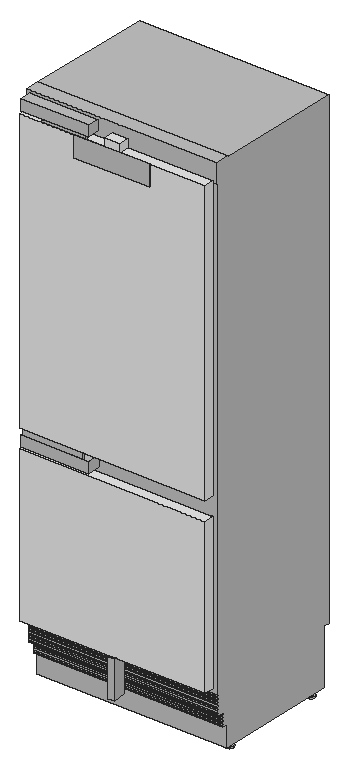
Revit family "FP-Revit20-en-RS3084WLUE1-FridgeFreezer-0-CA-US-90001082A", category Specialty Equipment, Revit 2020 (continued)
Definition of nested family "Handle Professional Round - Vertical"
  Automatic sketch dimensions
    Sweep 4 sketch curve to profile plane = 0 mm  (x2)
    Sweep 4 sketch curve to profile plane = 3 mm  (x2)
    Sweep 5 sketch curve to profile plane = 0 mm  (x2)
    Sweep 5 sketch curve to profile plane = 3 mm  (x2)
    Extrusion 6 sketch curve to plane 3 "Center (Left/Right)" = 0 mm
    Extrusion 6 sketch curve to plane 3 "Center (Left/Right)" = 18.5 mm
    plane 1 "Center (Front/Back)" to Extrusion 6 sketch curve = 41.7 mm
    Extrusion 6 sketch curve to Extrusion 6 sketch curve = 41.7 mm
    Extrusion 7 sketch curve to plane 3 "Center (Left/Right)" = 0 mm
    Extrusion 7 sketch curve to plane 3 "Center (Left/Right)" = 18.5 mm
    plane 1 "Center (Front/Back)" to Extrusion 7 sketch curve = 41.7 mm
    Extrusion 7 sketch curve to Extrusion 7 sketch curve = 41.7 mm
    radius of Extrusion 3 sketch curve = 12.7 mm
Definition of nested family "Handle Professional Round Flush - Vertical"
  Parameters (values of type "AHP3-RD84 - Professional round flush handle (Vertical) 677mm")
    URL = "www.fisherpaykel.com"
    Material - Handle = none
    Manufacturer = "Fisher & Paykel Appliances"
    Handle - Length = 677 mm
    Default Elevation = 0 mm
  Types (4): name
    (no name)
    AHP3RD2484W - Professional round flush handle (1 of 2) (Vertical) 677mm
    AHP3RD3084W - Professional round flush handle (1 of 2) (Vertical) 677mm
    AHP3-RD84 - Professional round flush handle (Vertical) 677mm
  Reference planes
    plane 1 "Center (Front/Back)": y = 0
    plane 2: z = 0
    plane 3 "Center (Left/Right)": x = 0
    plane 4 "Top": z = 338.5
    plane 5 "Bottom": z = -338.5
    plane 6 "Top Standoff": z = 303.5
    plane 7 "Bottom Standoff": z = -303.5
  Forms (mm)
    Extrusion 1, solid, material <- "Material - Handle", detail levels fine
      sketch origin (0, 0, 0) x (1, 0, 0) y (0, 1, 0)
        loop
          arc (-12.817, -46.665) -> (0, -58.016) -> (12.817, -46.665) r 12.912
          line (12.817, -46.665) -> (18.5, 0) -> (-18.5, 0) -> (-12.817, -46.665)
      from 303.5 to 338.5
    Extrusion 2, solid, material <- "Material - Handle", detail levels fine
      sketch origin (0, 0, 0) x (1, 0, 0) y (0, 1, 0)
        loop
          arc (-12.817, -46.665) -> (0, -58.016) -> (12.817, -46.665) r 12.912
          line (12.817, -46.665) -> (18.5, 0) -> (-18.5, 0) -> (-12.817, -46.665)
      from -338.5 to -303.5
    Extrusion 3, solid, material <- "Material - Handle"
      sketch origin (0, 0, 0) x (1, 0, 0) y (0, 1, 0)
        loop
          circle (0, -45.116) r 12.7
      from -303.5 to 303.5
    Sweep 4, void
      path in 3D
        loop
          line (18.5, 0, 338.5) -> (12.817, -46.665, 338.5)
          arc (12.817, -46.665, 338.5) -> (0, -58.016, 338.5) -> (-12.817, -46.665, 338.5) r 12.912
          line (-12.817, -46.665, 338.5) -> (-18.5, 0, 338.5)
      profile origin (0, -58.016, 338.5) x (0, -1, 0) y (0, 0, 1)
        loop
          line (0, 0) -> (-1.5, 0) -> (0, -1.5) -> (0, 0)
    Sweep 5, void
      path in 3D
        loop
          line (-18.5, 0, -338.5) -> (-12.817, -46.665, -338.5)
          arc (-12.817, -46.665, -338.5) -> (0, -58.016, -338.5) -> (12.817, -46.665, -338.5) r 12.912
          line (12.817, -46.665, -338.5) -> (18.5, 0, -338.5)
      profile origin (0, -58.016, -338.5) x (0, -1, 0) y (0, 0, -1)
        loop
          line (0, 0) -> (-1.5, 0) -> (0, -1.5) -> (0, 0)
    Extrusion 6, solid, material <- "Material - Handle", detail levels coarse+medium
      sketch origin (0, 0, 0) x (1, 0, 0) y (0, 1, 0)
        loop
          arc (-12.817, -46.665) -> (0, -58.016) -> (12.817, -46.665) r 12.912
          line (12.817, -46.665) -> (18.5, 0) -> (-18.5, 0) -> (-12.817, -46.665)
      from 303.5 to 338.5
    Extrusion 7, solid, material <- "Material - Handle", detail levels coarse+medium
      sketch origin (0, 0, 0) x (1, 0, 0) y (0, 1, 0)
        loop
          arc (-12.817, -46.665) -> (0, -58.016) -> (12.817, -46.665) r 12.912
          line (12.817, -46.665) -> (18.5, 0) -> (-18.5, 0) -> (-12.817, -46.665)
      from -338.5 to -303.5
  Cuts and joins
    Sweep 4 cuts Extrusion 1
    Sweep 5 cuts Extrusion 2
  Lines and regions (mm)
    sketch lines
      curve 1: arc (12.817, -46.665, 338.5) -> (0, -58.016, 338.5) -> (-12.817, -46.665, 338.5) r 12.912
      curve 2: line (12.817, -46.665, 338.5) -> (18.5, 0, 338.5)
      curve 3: line (-18.5, 0, 338.5) -> (-12.817, -46.665, 338.5)
      curve 4: arc (-12.817, -46.665, -338.5) -> (0, -58.016, -338.5) -> (12.817, -46.665, -338.5) r 12.912
      curve 5: line (18.5, 0, -338.5) -> (12.817, -46.665, -338.5)
      curve 6: line (-12.817, -46.665, -338.5) -> (-18.5, 0, -338.5)
  Dimensions and locks
    equal spacing: plane 4 "Top", level, plane 5 "Bottom"
    "Handle - Length": plane 4 "Top" to plane 5 "Bottom"
    aligned and locked: level to plane 2
    aligned and locked: plane 4 "Top" to Extrusion 1
    aligned and locked: Extrusion 1 to plane 6 "Top Standoff"
    aligned and locked: Extrusion 2 to plane 5 "Bottom"
    aligned and locked: plane 1 "Center (Front/Back)" to Extrusion 2 sketch curve
    aligned and locked: plane 6 "Top Standoff" to Extrusion 3
    aligned and locked: Extrusion 3 to plane 7 "Bottom Standoff"
  Automatic sketch dimensions
    plane 1 "Center (Front/Back)" to Extrusion 1 sketch curve = 0 mm
    Extrusion 1 sketch curve to plane 3 "Center (Left/Right)" = 0 mm
    Extrusion 1 sketch curve to plane 3 "Center (Left/Right)" = 12.817 mm
    Extrusion 1 sketch curve to plane 3 "Center (Left/Right)" = 18.5 mm
    plane 3 "Center (Left/Right)" to Extrusion 1 sketch curve = 12.817 mm
    plane 3 "Center (Left/Right)" to Extrusion 1 sketch curve = 18.5 mm
    plane 1 "Center (Front/Back)" to Extrusion 1 sketch curve = 45.104 mm
    Extrusion 1 sketch curve to Extrusion 1 sketch curve = 1.561 mm
    Extrusion 2 sketch curve to plane 3 "Center (Left/Right)" = 0 mm
    Extrusion 2 sketch curve to plane 3 "Center (Left/Right)" = 12.817 mm
    Extrusion 2 sketch curve to plane 3 "Center (Left/Right)" = 18.5 mm
    plane 3 "Center (Left/Right)" to Extrusion 2 sketch curve = 12.817 mm
    plane 3 "Center (Left/Right)" to Extrusion 2 sketch curve = 18.5 mm
    plane 1 "Center (Front/Back)" to Extrusion 2 sketch curve = 45.104 mm
    Extrusion 2 sketch curve to Extrusion 2 sketch curve = 1.561 mm
    Extrusion 3 sketch curve to plane 3 "Center (Left/Right)" = 0 mm
    plane 1 "Center (Front/Back)" to Extrusion 3 sketch curve = 45.116 mm
    Sweep 4 sketch curve to profile plane = 0 mm  (x2)
    profile plane to Sweep 4 sketch curve = 1.5 mm
    Sweep 4 sketch curve to profile plane = 1.5 mm
    profile plane to Sweep 5 sketch curve = 0 mm
    Sweep 5 sketch curve to profile plane = 0 mm
    profile plane to Sweep 5 sketch curve = 1.5 mm
    Sweep 5 sketch curve to profile plane = 1.5 mm
    Extrusion 6 sketch curve to plane 3 "Center (Left/Right)" = 0 mm
    Extrusion 6 sketch curve to plane 3 "Center (Left/Right)" = 12.817 mm
    Extrusion 6 sketch curve to plane 3 "Center (Left/Right)" = 18.5 mm
    plane 3 "Center (Left/Right)" to Extrusion 6 sketch curve = 12.817 mm
    plane 3 "Center (Left/Right)" to Extrusion 6 sketch curve = 18.5 mm
    plane 1 "Center (Front/Back)" to Extrusion 6 sketch curve = 46.665 mm
    Extrusion 6 sketch curve to Extrusion 6 sketch curve = 1.561 mm
    Extrusion 6 sketch curve to Extrusion 6 sketch curve = 46.665 mm
    Extrusion 7 sketch curve to plane 3 "Center (Left/Right)" = 0 mm
    Extrusion 7 sketch curve to plane 3 "Center (Left/Right)" = 12.817 mm
    Extrusion 7 sketch curve to plane 3 "Center (Left/Right)" = 18.5 mm
    plane 3 "Center (Left/Right)" to Extrusion 7 sketch curve = 12.817 mm
    plane 3 "Center (Left/Right)" to Extrusion 7 sketch curve = 18.5 mm
    plane 1 "Center (Front/Back)" to Extrusion 7 sketch curve = 46.665 mm
    Extrusion 7 sketch curve to Extrusion 7 sketch curve = 1.561 mm
    Extrusion 7 sketch curve to Extrusion 7 sketch curve = 46.665 mm
    radius of Extrusion 3 sketch curve = 12.7 mm
Definition of nested family "Handle Professional Square - Vertical"
  Parameters (values of type "AHV2RS3272A - Professional square handle (1 of 2) (Vertical) 727mm")
    URL = "www.fisherpaykel.com"
    Material - Handle = none
    Manufacturer = "Fisher & Paykel Appliances"
    Handle - Length = 727 mm
    Default Elevation = 0 mm
  Types (5, lengths in mm): name | Handle - Length
    (no name) | 727
    AHV2RD2484W - Professional square handle (1 of 2) (Vertical) 727mm | 727
    AHV2RD3084W - Professional square handle (1 of 2) (Vertical) 727mm | 727
    AHV2-RD84 - Professional square handle (Vertical) 792mm | 792
    AHV2RS3272A - Professional square handle (1 of 2) (Vertical) 727mm | 727
  Reference planes
    plane 1 "Center (Front/Back)": y = 0
    plane 2: z = 0
    plane 3 "Center (Left/Right)": x = 0
    plane 4 "Top": z = 363.5
    plane 5 "Bottom": z = -363.5
    plane 6 "Top Standoff": z = 313.5
    plane 7 "Bottom Standoff": z = -313.5
  Forms (mm)
    Extrusion 1, solid, material <- "Material - Handle", detail levels fine
      sketch origin (0, 0, 0) x (0, 1, 0) y (0, 0, 1)
        loop
          line (0, 363.5) -> (-40, 363.5)
          arc (-40, 363.5) -> (-47.071, 360.571) -> (-50, 353.5) r 10
          line (-50, 353.5) -> (-50, 313.5) -> (0, 313.5) -> (0, 363.5)
        loop
          line (0, -363.5) -> (0, -313.5) -> (-50, -313.5) -> (-50, -353.5)
          arc (-50, -353.5) -> (-47.071, -360.571) -> (-40, -363.5) r 10
          line (-40, -363.5) -> (0, -363.5)
      from -17.5 to 17.5
    Sweep 2, void
      path in 3D
        loop
          line (17.5, 0, 363.5) -> (17.5, -40, 363.5)
          arc (17.5, -40, 363.5) -> (17.5, -47.071, 360.571) -> (17.5, -50, 353.5) r 10
          line (17.5, -50, 353.5) -> (17.5, -50, 313.5)
      profile origin (17.5, -20, 363.5) x (1, 0, 0) y (0, 0, 1)
        loop
          line (0, 0) -> (-2.5, 0) -> (0, -2.5) -> (0, 0)
    Sweep 3, void
      path in 3D
        loop
          line (-17.5, -50, 313.5) -> (-17.5, -50, 353.5)
          arc (-17.5, -50, 353.5) -> (-17.5, -47.071, 360.571) -> (-17.5, -40, 363.5) r 10
          line (-17.5, -40, 363.5) -> (-17.5, 0, 363.5)
      profile origin (-17.5, -20, 363.5) x (-1, 0, 0) y (0, 0, 1)
        loop
          line (0, 0) -> (-2.5, 0) -> (0, -2.5) -> (0, 0)
    Sweep 4, void
      path in 3D
        loop
          line (17.5, -50, -313.5) -> (17.5, -50, -353.5)
          arc (17.5, -50, -353.5) -> (17.5, -47.071, -360.571) -> (17.5, -40, -363.5) r 10
          line (17.5, -40, -363.5) -> (17.5, 0, -363.5)
      profile origin (17.5, -20, -363.5) x (1, 0, 0) y (0, 0, -1)
        loop
          line (0, 0) -> (-2.5, 0) -> (0, -2.5) -> (0, 0)
    Sweep 5, void
      path in 3D
        loop
          line (-17.5, 0, -363.5) -> (-17.5, -40, -363.5)
          arc (-17.5, -40, -363.5) -> (-17.5, -47.071, -360.571) -> (-17.5, -50, -353.5) r 10
          line (-17.5, -50, -353.5) -> (-17.5, -50, -313.5)
      profile origin (-17.5, -20, -363.5) x (-1, 0, 0) y (0, 0, -1)
        loop
          line (0, 0) -> (-2.5, 0) -> (0, -2.5) -> (0, 0)
    Extrusion 6, solid, material <- "Material - Handle", detail levels fine
      sketch origin (0, 0, 0) x (1, 0, 0) y (0, 1, 0)
        loop
          line (-15.5, -36.737) -> (-15.5, -46.422) -> (-14.172, -47.75) -> (14.172, -47.75) -> (15.5, -46.422) -> (15.5, -36.737)
          arc (15.5, -36.737) -> (0, -32.25) -> (-15.5, -36.737) r 29.013
      from -313.5 to 313.5
    Extrusion 7, solid, material <- "Material - Handle", detail levels coarse+medium
      sketch origin (0, 0, 0) x (0, 1, 0) y (0, 0, 1)
        loop
          line (0, 363.5) -> (-40, 363.5)
          arc (-40, 363.5) -> (-47.071, 360.571) -> (-50, 353.5) r 10
          line (-50, 353.5) -> (-50, -353.5)
          arc (-50, -353.5) -> (-47.071, -360.571) -> (-40, -363.5) r 10
          line (-40, -363.5) -> (0, -363.5) -> (0, -313.5) -> (-31.95, -313.5) -> (-31.95, 313.5) -> (0, 313.5) -> (0, 363.5)
      from -17.5 to 17.5
  Cuts and joins
    Sweep 2, Sweep 3, Sweep 4, Sweep 5 cuts Extrusion 1
  Lines and regions (mm)
    sketch lines
      curve 1: line (17.5, 0, 363.5) -> (17.5, -40, 363.5)
      curve 2: arc (17.5, -50, 353.5) -> (17.5, -47.071, 360.571) -> (17.5, -40, 363.5) r 10
      curve 3: line (17.5, -50, 353.5) -> (17.5, -50, 313.5)
      curve 4: line (-17.5, -40, 363.5) -> (-17.5, 0, 363.5)
      curve 5: arc (-17.5, -40, 363.5) -> (-17.5, -47.071, 360.571) -> (-17.5, -50, 353.5) r 10
      curve 6: line (-17.5, -50, 313.5) -> (-17.5, -50, 353.5)
      curve 7: line (17.5, -40, -363.5) -> (17.5, 0, -363.5)
      curve 8: arc (17.5, -40, -363.5) -> (17.5, -47.071, -360.571) -> (17.5, -50, -353.5) r 10
      curve 9: line (17.5, -50, -313.5) -> (17.5, -50, -353.5)
      curve 10: line (-17.5, 0, -363.5) -> (-17.5, -40, -363.5)
      curve 11: arc (-17.5, -50, -353.5) -> (-17.5, -47.071, -360.571) -> (-17.5, -40, -363.5) r 10
      curve 12: line (-17.5, -50, -353.5) -> (-17.5, -50, -313.5)
  Dimensions and locks
    equal spacing: plane 4 "Top", level, plane 5 "Bottom"
    "Handle - Length": plane 4 "Top" to plane 5 "Bottom"
    plane 7 "Bottom Standoff" to plane 5 "Bottom" = 50 mm
    plane 4 "Top" to plane 6 "Top Standoff" = 50 mm
    aligned and locked: level to plane 2
    aligned and locked: plane 4 "Top" to Extrusion 1 sketch curve
    aligned and locked: plane 5 "Bottom" to Extrusion 1 sketch curve
    aligned and locked: Extrusion 1 sketch curve to plane 1 "Center (Front/Back)"
    aligned and locked: plane 1 "Center (Front/Back)" to Extrusion 1 sketch curve
    aligned and locked: plane 6 "Top Standoff" to Extrusion 1 sketch curve
    aligned and locked: plane 7 "Bottom Standoff" to Extrusion 1 sketch curve
    aligned and locked: plane 6 "Top Standoff" to Extrusion 6
    aligned and locked: Extrusion 6 to plane 7 "Bottom Standoff"
    aligned and locked: plane 4 "Top" to Extrusion 7 sketch curve
    aligned and locked: plane 6 "Top Standoff" to Extrusion 7 sketch curve
    aligned and locked: plane 1 "Center (Front/Back)" to Extrusion 7 sketch curve
    aligned and locked: plane 7 "Bottom Standoff" to Extrusion 7 sketch curve
    aligned and locked: plane 5 "Bottom" to Extrusion 7 sketch curve
    aligned and locked: Extrusion 7 sketch curve to plane 1 "Center (Front/Back)"
  Automatic sketch dimensions
    Sweep 2 sketch curve to profile plane = 0 mm
    profile plane to Sweep 2 sketch curve = 0 mm
    profile plane to Sweep 2 sketch curve = 2.5 mm
    Sweep 2 sketch curve to profile plane = 2.5 mm
    Sweep 3 sketch curve to profile plane = 0 mm  (x2)
    profile plane to Sweep 3 sketch curve = 2.5 mm
    Sweep 3 sketch curve to profile plane = 2.5 mm
    Sweep 4 sketch curve to profile plane = 0 mm
    profile plane to Sweep 4 sketch curve = 0 mm
    profile plane to Sweep 4 sketch curve = 2.5 mm
    Sweep 4 sketch curve to profile plane = 2.5 mm
    Sweep 5 sketch curve to profile plane = 0 mm  (x2)
    profile plane to Sweep 5 sketch curve = 2.5 mm
    Sweep 5 sketch curve to profile plane = 2.5 mm
    plane 1 "Center (Front/Back)" to Extrusion 1 sketch curve = 40 mm  (x2)
    Extrusion 1 sketch curve to Extrusion 1 sketch curve = 10 mm  (x2)
    Extrusion 6 sketch curve to plane 3 "Center (Left/Right)" = 0 mm
    Extrusion 6 sketch curve to Extrusion 6 sketch curve = 1.328 mm  (x4)
    plane 1 "Center (Front/Back)" to Extrusion 6 sketch curve = 61.263 mm
    Extrusion 6 sketch curve to Extrusion 6 sketch curve = 13.513 mm
    Extrusion 6 sketch curve to Extrusion 6 sketch curve = 9.684 mm  (x2)
    Extrusion 6 sketch curve to plane 3 "Center (Left/Right)" = 14.172 mm
    plane 1 "Center (Front/Back)" to Extrusion 7 sketch curve = 31.95 mm
    plane 1 "Center (Front/Back)" to Extrusion 7 sketch curve = 40 mm  (x2)
    Extrusion 7 sketch curve to plane 4 "Top" = 10 mm
Definition of nested family "Handle Contemporary Round - Horizontal"
  Parameters (values of type "AHSRS80A - Contemporary round handle (2 of 2) (Horizontal) 646mm")
    URL = "www.fisherpaykel.com"
    Product - Width = 646 mm
    Material - Handle = none
    Manufacturer = "Fisher & Paykel Appliances"
    Default Elevation = 0 mm
  Types (5, lengths in mm): name | Product - Width
    (no name) | 646
    AHSRD2484W - Contemporary round handle (2 of 2) (Horizontal) 494mm | 494
    AHSRD3084W - Contemporary round handle (2 of 2) (Horizontal) 646mm | 646
    AHSRS3272A - Contemporary round handle (2 of 2) (Horizontal) 646mm | 646
    AHSRS80A - Contemporary round handle (2 of 2) (Horizontal) 646mm | 646
  Reference planes
    plane 1 "Center (Front/Back)": y = 0
    plane 2: z = 0
    plane 3 "Center (Left/Right)": x = 0
    plane 4 "Product LHS": x = -323
    plane 5 "Product RHS": x = 323
    plane 6 "LHS Standoff": x = -202.995
    plane 7 "RHS Standoff": x = 203.005
  Forms (mm)
    Extrusion 1, solid, material <- "Material - Handle"
      sketch origin (0, 0, 0) x (0, 1, 0) y (0, 0, 1)
        loop
          circle (-32.3, 0) r 8.7
      from -202.995 to 203.005
    Extrusion 2, solid, material <- "Material - Handle", detail levels fine
      sketch origin (0, 0, 0) x (0, 1, 0) y (0, 0, 1)
        loop
          line (0, 8.7) -> (-32.3, 8.7)
          arc (-32.3, 8.7) -> (-41, 0) -> (-32.3, -8.7) r 8.7
          line (-32.3, -8.7) -> (0, -8.7) -> (0, 8.7)
      from 203.005 to 323
    Extrusion 3, solid, material <- "Material - Handle", detail levels fine
      sketch origin (0, 0, 0) x (0, 1, 0) y (0, 0, -1)
        loop
          line (0, -8.7) -> (0, 8.7) -> (-32.3, 8.7)
          arc (-32.3, 8.7) -> (-41, 0) -> (-32.3, -8.7) r 8.7
          line (-32.3, -8.7) -> (0, -8.7)
      from 202.995 to 323
    Sweep 4, void
      path in 3D
        loop
          line (323, 0, 8.7) -> (323, -32.3, 8.7)
          arc (323, -32.3, 8.7) -> (323, -41, 0) -> (323, -32.3, -8.7) r 8.7
          line (323, -32.3, -8.7) -> (323, 0, -8.7)
      profile origin (323, -16.15, 8.7) x (1, 0, 0) y (0, 0, 1)
        loop
          line (0, 0) -> (-1, 0) -> (0, -1) -> (0, 0)
    Sweep 5, void
      path in 3D
        loop
          line (-323, 0, -8.7) -> (-323, -32.3, -8.7)
          arc (-323, -32.3, -8.7) -> (-323, -41, 0) -> (-323, -32.3, 8.7) r 8.7
          line (-323, -32.3, 8.7) -> (-323, 0, 8.7)
      profile origin (-323, -16.15, 8.7) x (-1, 0, 0) y (0, 0, 1)
        loop
          line (0, 0) -> (-1, 0) -> (0, -1) -> (0, 0)
    Extrusion 6, solid, material <- "Material - Handle", detail levels coarse+medium
      sketch origin (0, 0, 0) x (0, 1, 0) y (0, 0, 1)
        loop
          line (0, 8.7) -> (-32.3, 8.7)
          arc (-32.3, 8.7) -> (-41, 0) -> (-32.3, -8.7) r 8.7
          line (-32.3, -8.7) -> (0, -8.7) -> (0, 8.7)
      from 203.005 to 323
    Extrusion 7, solid, material <- "Material - Handle", detail levels coarse+medium
      sketch origin (0, 0, 0) x (0, 1, 0) y (0, 0, -1)
        loop
          line (0, -8.7) -> (0, 8.7) -> (-32.3, 8.7)
          arc (-32.3, 8.7) -> (-41, 0) -> (-32.3, -8.7) r 8.7
          line (-32.3, -8.7) -> (0, -8.7)
      from 202.995 to 323
  Cuts and joins
    Sweep 4 cuts Extrusion 2
    Sweep 5 cuts Extrusion 3
  Lines and regions (mm)
    sketch lines
      curve 1: line (323, 0, 8.7) -> (323, -32.3, 8.7)
      curve 2: arc (323, -32.3, -8.7) -> (323, -41, 0) -> (323, -32.3, 8.7) r 8.7
      curve 3: line (323, -32.3, -8.7) -> (323, 0, -8.7)
      curve 4: line (-323, -32.3, 8.7) -> (-323, 0, 8.7)
      curve 5: arc (-323, -32.3, 8.7) -> (-323, -41, 0) -> (-323, -32.3, -8.7) r 8.7
      curve 6: line (-323, 0, -8.7) -> (-323, -32.3, -8.7)
  Dimensions and locks
    equal spacing: plane 4 "Product LHS", plane 3 "Center (Left/Right)", plane 5 "Product RHS"
    "Product - Width": plane 4 "Product LHS" to plane 5 "Product RHS"
    locked: plane 4 "Product LHS" to plane 6 "LHS Standoff" at 120.005
    locked: plane 7 "RHS Standoff" to plane 5 "Product RHS" at 119.995
    equal spacing: Extrusion 2 sketch curve, level, Extrusion 2 sketch curve
    Extrusion 3 sketch curve to Extrusion 3 sketch curve = 17.4 mm
    Extrusion 6 sketch curve to Extrusion 6 sketch curve = 17.4 mm
    Extrusion 7 sketch curve to Extrusion 7 sketch curve = 17.4 mm
    aligned and locked: level to plane 2
    aligned and locked: plane 7 "RHS Standoff" to Extrusion 1
    aligned and locked: Extrusion 2 to Extrusion 1
    aligned and locked: Extrusion 2 to plane 5 "Product RHS"
    aligned and locked: plane 4 "Product LHS" to Extrusion 3
    aligned and locked: plane 6 "LHS Standoff" to Extrusion 3
    aligned and locked: Extrusion 1 to plane 6 "LHS Standoff"
    aligned and locked: Extrusion 6 to Extrusion 1
    aligned and locked: Extrusion 6 to plane 5 "Product RHS"
    aligned and locked: plane 4 "Product LHS" to Extrusion 7
    aligned and locked: Extrusion 7 to Extrusion 1
  Automatic sketch dimensions
    Extrusion 1 sketch curve to level = 0 mm
    plane 1 "Center (Front/Back)" to Extrusion 1 sketch curve = 32.3 mm
    Extrusion 2 sketch curve to plane 1 "Center (Front/Back)" = 0 mm
    Extrusion 2 sketch curve to level = 8.7 mm
    plane 1 "Center (Front/Back)" to Extrusion 2 sketch curve = 32.3 mm
    Extrusion 3 sketch curve to level = 0 mm
    Extrusion 3 sketch curve to plane 1 "Center (Front/Back)" = 0 mm
    Extrusion 3 sketch curve to level = 8.7 mm
    plane 1 "Center (Front/Back)" to Extrusion 3 sketch curve = 32.3 mm
    Sweep 4 sketch curve to profile plane = 0 mm
    profile plane to Sweep 4 sketch curve = 0 mm
    profile plane to Sweep 4 sketch curve = 1 mm
    Sweep 4 sketch curve to profile plane = 1 mm
    Sweep 5 sketch curve to profile plane = 0 mm  (x2)
    profile plane to Sweep 5 sketch curve = 1 mm
    Sweep 5 sketch curve to profile plane = 1 mm
    Extrusion 6 sketch curve to level = 0 mm
    level to Extrusion 6 sketch curve = 8.7 mm
    plane 1 "Center (Front/Back)" to Extrusion 6 sketch curve = 32.3 mm
    Extrusion 6 sketch curve to Extrusion 6 sketch curve = 32.3 mm
    Extrusion 7 sketch curve to level = 0 mm
    level to Extrusion 7 sketch curve = 8.7 mm
    plane 1 "Center (Front/Back)" to Extrusion 7 sketch curve = 32.3 mm
    Extrusion 7 sketch curve to Extrusion 7 sketch curve = 32.3 mm
    radius of Extrusion 1 sketch curve = 8.7 mm
Definition of nested family "Handle Contemporary Square - Horizontal"
  Parameters (values of type "AHD3RD3084W - Contemporary square handle (2 of 2) (Horizontal) 646mm")
    URL = "www.fisherpaykel.com"
    Material - Handle = none
    Manufacturer = "Fisher & Paykel Appliances"
    Handle - Length = 646 mm
    Default Elevation = 0 mm
  Types (5, lengths in mm): name | Handle - Length
    (no name) | 646
    AHD3RD2484W - Contemporary square handle (2 of 2) (Horizontal) 494mm | 494
    AHD3RD3084W - Contemporary square handle (2 of 2) (Horizontal) 646mm | 646
    AHD3RS3272A - Contemporary square handle (2 of 2) (Horizontal) 646mm | 646
    AHD3RS80A - Contemporary square handle (2 of 2) (Horizontal) 646mm | 646
  Reference planes
    plane 1 "Center (Front/Back)": y = 0
    plane 2: z = 0
    plane 3 "Center (Left/Right)": x = 0
    plane 4 "Product LHS": x = -323
    plane 5 "Product RHS": x = 323
    plane 6 "LHS Standoff": x = -202.995
    plane 7 "RHS Standoff": x = 203.005
  Forms (mm)
    Extrusion 1, solid, material <- "Material - Handle", detail levels fine
      sketch origin (0, 0, 0) x (0, 1, 0) y (0, 0, 1)
        loop
          arc (-28.701, 7.561) -> (-29.057, 7.868) -> (-29.514, 7.978) r 1
          line (-29.514, 7.978) -> (-40.5, 7.978)
          arc (-40.5, 7.978) -> (-41.561, 7.539) -> (-42, 6.478) r 1.5
          line (-42, 6.478) -> (-42, -6.522)
          arc (-42, -6.522) -> (-41.561, -7.583) -> (-40.5, -8.022) r 1.5
          line (-40.5, -8.022) -> (-29.487, -8.022)
          arc (-29.487, -8.022) -> (-29.029, -7.911) -> (-28.673, -7.602) r 1
          arc (-28.673, -7.602) -> (-26.256, -0.016) -> (-28.701, 7.561) r 13.038
      from -323 to 323
    Extrusion 2, solid, material <- "Material - Handle", detail levels fine
      sketch origin (0, 0, 0) x (0, 1, 0) y (0, 0, 1)
        loop
          arc (-28.23, 7.062) -> (-26.156, 0.008) -> (-28.198, -7.056) r 13.136
          arc (-28.198, -7.056) -> (-28.21, -7.463) -> (-27.86, -7.67) r 0.4
          line (-27.86, -7.67) -> (0, -7.67) -> (0, 7.678) -> (-27.893, 7.678)
          arc (-27.893, 7.678) -> (-28.244, 7.47) -> (-28.23, 7.062) r 0.4
      from 203.005 to 323
    Extrusion 3, solid, material <- "Material - Handle", detail levels fine
      sketch origin (0, 0, 0) x (0, 1, 0) y (0, 0, -1)
        loop
          arc (-28.23, -7.062) -> (-28.244, -7.47) -> (-27.893, -7.678) r 0.4
          line (-27.893, -7.678) -> (0, -7.678) -> (0, 7.67) -> (-27.86, 7.67)
          arc (-27.86, 7.67) -> (-28.21, 7.463) -> (-28.198, 7.056) r 0.4
          arc (-28.198, 7.056) -> (-26.156, -0.008) -> (-28.23, -7.062) r 13.136
      from 202.995 to 323
    Sweep 4, void
      path in 3D
        loop
          line (323, -29.514, 7.978) -> (323, -40.5, 7.978)
          arc (323, -40.5, 7.978) -> (323, -41.561, 7.539) -> (323, -42, 6.478) r 1.5
          line (323, -42, 6.478) -> (323, -42, -6.522)
          arc (323, -42, -6.522) -> (323, -41.561, -7.583) -> (323, -40.5, -8.022) r 1.5
          line (323, -40.5, -8.022) -> (323, -29.487, -8.022)
      profile origin (323, -35.007, 7.978) x (1, 0, 0) y (0, 0, 1)
        loop
          line (0, 0) -> (-1.3, 0) -> (0, -1.3) -> (0, 0)
    Sweep 5, void
      path in 3D
        loop
          line (-323, -29.487, -8.022) -> (-323, -40.5, -8.022)
          arc (-323, -40.5, -8.022) -> (-323, -41.561, -7.583) -> (-323, -42, -6.522) r 1.5
          line (-323, -42, -6.522) -> (-323, -42, 6.478)
          arc (-323, -42, 6.478) -> (-323, -41.561, 7.539) -> (-323, -40.5, 7.978) r 1.5
          line (-323, -40.5, 7.978) -> (-323, -29.514, 7.978)
      profile origin (-323, -35.007, 7.978) x (-1, 0, 0) y (0, 0, 1)
        loop
          line (0, 0) -> (-1.3, 0) -> (0, -1.3) -> (0, 0)
    Extrusion 6, void
      sketch origin (0, 0, 0) x (1, 0, 0) y (0, 0, 1)
        loop
          line (323, 7.978) -> (321.7, 7.978) -> (323, 6.678) -> (323, 7.978)
        loop
          line (323, -8.022) -> (323, -6.722) -> (321.7, -8.022) -> (323, -8.022)
      from 0 to 40
    Extrusion 7, void
      sketch origin (0, 0, 0) x (1, 0, 0) y (0, 0, 1)
        loop
          line (-323, 7.978) -> (-323, 6.678) -> (-321.7, 7.978) -> (-323, 7.978)
        loop
          line (-323, -8.022) -> (-321.7, -8.022) -> (-323, -6.722) -> (-323, -8.022)
      from 0 to 40
    Extrusion 8, solid, material <- "Material - Handle", detail levels coarse+medium
      sketch origin (0, 0, 0) x (1, 0, 0) y (0, 1, 0)
        loop
          line (-323, -42) -> (323, -42) -> (323, 0) -> (203.005, 0) -> (203.005, -26.156) -> (-202.995, -26.156) -> (-202.995, 0) -> (-323, 0) -> (-323, -42)
      from -8.022 to 7.978
  Cuts and joins
    Sweep 4, Sweep 5, Extrusion 6, Extrusion 7 cuts Extrusion 1
    Extrusion 6 cuts Extrusion 2
    Extrusion 7 cuts Extrusion 3
  Lines and regions (mm)
    sketch lines
      curve 1: line (323, -29.514, 7.978) -> (323, -40.5, 7.978)
      curve 2: arc (323, -42, 6.478) -> (323, -41.561, 7.539) -> (323, -40.5, 7.978) r 1.5
      curve 3: line (323, -42, 6.478) -> (323, -42, -6.522)
      curve 4: arc (323, -40.5, -8.022) -> (323, -41.561, -7.583) -> (323, -42, -6.522) r 1.5
      curve 5: line (323, -40.5, -8.022) -> (323, -29.487, -8.022)
      curve 6: line (-323, -40.5, 7.978) -> (-323, -29.514, 7.978)
      curve 7: arc (-323, -40.5, 7.978) -> (-323, -41.561, 7.539) -> (-323, -42, 6.478) r 1.5
      curve 8: line (-323, -42, -6.522) -> (-323, -42, 6.478)
      curve 9: arc (-323, -42, -6.522) -> (-323, -41.561, -7.583) -> (-323, -40.5, -8.022) r 1.5
      curve 10: line (-323, -29.487, -8.022) -> (-323, -40.5, -8.022)
  Dimensions and locks
    equal spacing: plane 4 "Product LHS", plane 3 "Center (Left/Right)", plane 5 "Product RHS"
    "Handle - Length": plane 4 "Product LHS" to plane 5 "Product RHS"
    locked: plane 4 "Product LHS" to plane 6 "LHS Standoff" at 120.005
    locked: plane 7 "RHS Standoff" to plane 5 "Product RHS" at 119.995
    aligned and locked: level to plane 2
    aligned and locked: Extrusion 1 to plane 5 "Product RHS"
    aligned and locked: plane 4 "Product LHS" to Extrusion 1
    aligned and locked: Extrusion 2 to plane 5 "Product RHS"
    aligned and locked: plane 4 "Product LHS" to Extrusion 3
    aligned and locked: plane 4 "Product LHS" to Extrusion 8 sketch curve
    aligned and locked: Extrusion 8 sketch curve to plane 5 "Product RHS"
    aligned and locked: Extrusion 8 sketch curve to plane 7 "RHS Standoff"
    aligned and locked: plane 6 "LHS Standoff" to Extrusion 8 sketch curve
    aligned and locked: Extrusion 2 to plane 7 "RHS Standoff"
    aligned and locked: plane 6 "LHS Standoff" to Extrusion 3
  Automatic sketch dimensions
    Extrusion 1 sketch curve to level = 6.522 mm
    plane 1 "Center (Front/Back)" to Extrusion 1 sketch curve = 42 mm
    Extrusion 1 sketch curve to Extrusion 1 sketch curve = 1.5 mm  (x2)
    Extrusion 1 sketch curve to level = 0.04 mm
    Extrusion 1 sketch curve to Extrusion 1 sketch curve = 1.206 mm
    level to Extrusion 1 sketch curve = 6.978 mm
    Extrusion 1 sketch curve to Extrusion 1 sketch curve = 10.986 mm
    Extrusion 1 sketch curve to Extrusion 1 sketch curve = 11.013 mm
    Extrusion 1 sketch curve to Extrusion 1 sketch curve = 1 mm
    level to Extrusion 1 sketch curve = 6.478 mm
    Extrusion 1 sketch curve to Extrusion 1 sketch curve = 0 mm
    Extrusion 2 sketch curve to plane 1 "Center (Front/Back)" = 0 mm
    Extrusion 2 sketch curve to level = 7.67 mm
    Extrusion 2 sketch curve to Extrusion 2 sketch curve = 27.86 mm
    level to Extrusion 2 sketch curve = 7.678 mm
    Extrusion 2 sketch curve to Extrusion 2 sketch curve = 0.033 mm
    Extrusion 2 sketch curve to level = 0.022 mm
    Extrusion 2 sketch curve to Extrusion 2 sketch curve = 11.398 mm
    Extrusion 2 sketch curve to Extrusion 2 sketch curve = 0.4 mm  (x2)
    Extrusion 2 sketch curve to Extrusion 2 sketch curve = 0 mm
    Extrusion 3 sketch curve to plane 1 "Center (Front/Back)" = 0 mm
    Extrusion 3 sketch curve to level = 7.67 mm
    Extrusion 3 sketch curve to Extrusion 3 sketch curve = 27.86 mm
    level to Extrusion 3 sketch curve = 7.678 mm
    Extrusion 3 sketch curve to Extrusion 3 sketch curve = 0.033 mm
    Extrusion 3 sketch curve to level = 0.022 mm
    Extrusion 3 sketch curve to Extrusion 3 sketch curve = 11.398 mm
    Extrusion 3 sketch curve to Extrusion 3 sketch curve = 0.4 mm  (x2)
    Extrusion 3 sketch curve to Extrusion 3 sketch curve = 0 mm
    profile plane to Sweep 4 sketch curve = 0 mm
    Sweep 4 sketch curve to profile plane = 0 mm
    Sweep 4 sketch curve to profile plane = 1.3 mm
    profile plane to Sweep 4 sketch curve = 1.3 mm
    Sweep 5 sketch curve to profile plane = 0 mm  (x2)
    profile plane to Sweep 5 sketch curve = 1.3 mm
    Sweep 5 sketch curve to profile plane = 1.3 mm
    plane 5 "Product RHS" to Extrusion 6 sketch curve = 0 mm  (x2)
    Extrusion 6 sketch curve to Extrusion 6 sketch curve = 1.3 mm  (x4)
    Extrusion 6 sketch curve to level = 6.722 mm
    level to Extrusion 6 sketch curve = 6.678 mm
    plane 4 "Product LHS" to Extrusion 7 sketch curve = 0 mm  (x2)
    Extrusion 7 sketch curve to plane 4 "Product LHS" = 1.3 mm  (x2)
    Extrusion 7 sketch curve to level = 8.022 mm
    level to Extrusion 7 sketch curve = 6.678 mm
    Extrusion 7 sketch curve to Extrusion 7 sketch curve = 1.3 mm  (x2)
    plane 1 "Center (Front/Back)" to Extrusion 8 sketch curve = 0 mm  (x2)
    Extrusion 8 sketch curve to Extrusion 8 sketch curve = 26.156 mm
    Extrusion 8 sketch curve to Extrusion 8 sketch curve = 42 mm
Definition of nested family "F&P Handle Kit - Contemporary Square Fine - Horizontal"
  Parameters (values of type "AHD5RD2484W - Contemporary square fine handle (2 of 2) (Horizontal) 494mm")
    URL = "www.fisherpaykel.com"
    Material - Handle = none
    Manufacturer = "Fisher & Paykel Appliances"
    Handle - Length = 494 mm
    Default Elevation = 0 mm
  Types (15, lengths in mm): name | Handle - Length
    (no name) | 494
    AHD5RD2484W - Contemporary square fine handle (2 of 2) (Horizontal) 494mm | 494
    AHD5RD2484WB - Contemporary square fine black handle (2 of 2) (Horizontal) 494mm | 494
    AHD5RD3084W - Contemporary square fine handle (2 of 2) (Horizontal) 646mm | 646
    AHD5RD3084WB - Contemporary square fine black handle (2 of 2) (Horizontal) 646mm | 646
    AHD5RD7621W - Contemporary square fine handle (2 of 2) (Horizontal) 646mm | 646
    AHD5RD7621WB - Contemporary square fine handle black (2 of 2) (Horizontal) 646mm | 646
    AHD5RD6121W - Contemporary square fine handle (2 of 2) (Horizontal) 494mm | 494
    AHD5RD6121WB - Contemporary square fine handle black (2 of 2) (Horizontal) 494mm | 494
    AHD5RD36A - Contemporary square fine handle (2 of 2) (Horizontal) 746mm | 746
    AHD5RD36AB - Contemporary square fine black handle (2 of 2) (Horizontal) 746mm | 746
    AHD5RD90A - Contemporary square fine handle (2 of 2) (Horizontal) 746mm | 746
    AHD5RD80A - Contemporary square fine handle (2 of 2) (Horizontal) 646mm | 646
    AHD5RD80AB - Contemporary square fine black handle (2 of 2) (Horizontal) 646mm | 646
    AHD5RD90AB - Contemporary square fine black handle (2 of 2) (Horizontal) 746mm | 746
  Reference planes
    plane 1 "Center (Front/Back)": y = 0
    plane 2: z = 0
    plane 3 "Center (Left/Right)": x = 0
    plane 4 "Product LHS": x = -247
    plane 5 "Product RHS": x = 247
    plane 6 "LHS Standoff": x = -126.995
    plane 7 "RHS Standoff": x = 127.005
  Forms (mm)
    Extrusion 1, solid, material <- "Material - Handle", detail levels fine
      sketch origin (0, 0, 0) x (0, 1, 0) y (0, 0, 1)
        loop
          arc (-26.813, 6.16) -> (-27.196, 6.554) -> (-27.728, 6.686) r 1
          line (-27.728, 6.686) -> (-40.035, 6.256)
          arc (-40.035, 6.256) -> (-40.719, 5.951) -> (-41, 5.257) r 1
          line (-41, 5.257) -> (-41, -5.257)
          arc (-41, -5.257) -> (-40.719, -5.951) -> (-40.035, -6.256) r 1
          line (-40.035, -6.256) -> (-27.709, -6.686)
          arc (-27.709, -6.686) -> (-27.175, -6.554) -> (-26.792, -6.158) r 1
          arc (-26.792, -6.158) -> (-25.256, 0.004) -> (-26.813, 6.16) r 13.038
      from -247 to 247
    Extrusion 2, solid, material <- "Material - Handle", detail levels fine
      sketch origin (0, 0, 0) x (0, 1, 0) y (0, 0, 1)
        loop
          arc (-26.626, -6.008) -> (-26.614, -6.49) -> (-26.2, -6.737) r 0.5
          line (-26.2, -6.737) -> (0, -7.696) -> (0, 7.704) -> (-26.174, 6.747)
          arc (-26.174, 6.747) -> (-26.587, 6.5) -> (-26.6, 6.019) r 0.5
          arc (-26.6, 6.019) -> (-25.156, 0.002) -> (-26.626, -6.008) r 13.136
      from 127.005 to 247
    Extrusion 3, solid, material <- "Material - Handle", detail levels coarse+medium
      sketch origin (0, 0, 0) x (1, 0, 0) y (0, 1, 0)
        loop
          line (-247, -42) -> (247, -42) -> (247, 0) -> (127.005, 0) -> (127.005, -26.156) -> (-126.995, -26.156) -> (-126.995, 0) -> (-247, 0) -> (-247, -42)
      from -8.022 to 7.978
    Extrusion 4, solid, material <- "Material - Handle", detail levels fine
      sketch origin (0, 0, 0) x (0, 1, 0) y (0, 0, 1)
        loop
          arc (-26.626, -6.008) -> (-26.614, -6.49) -> (-26.2, -6.737) r 0.5
          line (-26.2, -6.737) -> (0, -7.696) -> (0, 7.704) -> (-26.174, 6.747)
          arc (-26.174, 6.747) -> (-26.587, 6.5) -> (-26.6, 6.019) r 0.5
          arc (-26.6, 6.019) -> (-25.156, 0.002) -> (-26.626, -6.008) r 13.136
      from -247 to -126.995
  Dimensions and locks
    equal spacing: plane 4 "Product LHS", plane 3 "Center (Left/Right)", plane 5 "Product RHS"
    "Handle - Length": plane 4 "Product LHS" to plane 5 "Product RHS"
    locked: plane 4 "Product LHS" to plane 6 "LHS Standoff" at 120.005
    locked: plane 7 "RHS Standoff" to plane 5 "Product RHS" at 119.995
    aligned and locked: level to plane 2
    aligned and locked: Extrusion 1 to plane 5 "Product RHS"
    aligned and locked: plane 4 "Product LHS" to Extrusion 1
    aligned and locked: Extrusion 2 to plane 5 "Product RHS"
    aligned and locked: plane 4 "Product LHS" to Extrusion 3 sketch curve
    aligned and locked: Extrusion 3 sketch curve to plane 5 "Product RHS"
    aligned and locked: Extrusion 3 sketch curve to plane 7 "RHS Standoff"
    aligned and locked: plane 6 "LHS Standoff" to Extrusion 3 sketch curve
    aligned and locked: plane 4 "Product LHS" to Extrusion 4
    aligned and locked: plane 6 "LHS Standoff" to Extrusion 4
    aligned and locked: Extrusion 2 to plane 7 "RHS Standoff"
  Automatic sketch dimensions
    Extrusion 1 sketch curve to level = 5.257 mm
    plane 1 "Center (Front/Back)" to Extrusion 1 sketch curve = 41 mm
    level to Extrusion 1 sketch curve = 6.256 mm
    Extrusion 1 sketch curve to Extrusion 1 sketch curve = 0.965 mm  (x2)
    Extrusion 1 sketch curve to level = 6.256 mm
    Extrusion 1 sketch curve to Extrusion 1 sketch curve = 0.035 mm  (x3)
    Extrusion 1 sketch curve to level = 0.018 mm
    Extrusion 1 sketch curve to Extrusion 1 sketch curve = 1.706 mm
    level to Extrusion 1 sketch curve = 6.686 mm
    Extrusion 1 sketch curve to Extrusion 1 sketch curve = 12.307 mm
    Extrusion 1 sketch curve to level = 6.686 mm
    Extrusion 1 sketch curve to Extrusion 1 sketch curve = 12.326 mm
    Extrusion 1 sketch curve to Extrusion 1 sketch curve = 0.999 mm  (x2)
    Extrusion 1 sketch curve to Extrusion 1 sketch curve = 0 mm
    Extrusion 2 sketch curve to plane 1 "Center (Front/Back)" = 0 mm
    level to Extrusion 2 sketch curve = 6.247 mm
    plane 1 "Center (Front/Back)" to Extrusion 2 sketch curve = 26.155 mm
    level to Extrusion 2 sketch curve = 6.747 mm
    Extrusion 2 sketch curve to Extrusion 2 sketch curve = 0.018 mm  (x2)
    Extrusion 2 sketch curve to level = 6.238 mm
    Extrusion 2 sketch curve to Extrusion 2 sketch curve = 0.026 mm
    Extrusion 2 sketch curve to level = 6.737 mm
    level to Extrusion 2 sketch curve = 0.03 mm
    Extrusion 2 sketch curve to Extrusion 2 sketch curve = 12.11 mm
    Extrusion 2 sketch curve to level = 7.696 mm
    level to Extrusion 2 sketch curve = 7.704 mm
    Extrusion 2 sketch curve to Extrusion 2 sketch curve = 0 mm
    plane 1 "Center (Front/Back)" to Extrusion 3 sketch curve = 42 mm
    Extrusion 3 sketch curve to Extrusion 3 sketch curve = 15.844 mm
    Extrusion 3 sketch curve to Extrusion 3 sketch curve = 26.156 mm  (x2)
    level to Extrusion 4 sketch curve = 0.03 mm
    plane 1 "Center (Front/Back)" to Extrusion 4 sketch curve = 38.291 mm
    Extrusion 4 sketch curve to level = 6.737 mm
    Extrusion 4 sketch curve to Extrusion 4 sketch curve = 12.091 mm
    Extrusion 4 sketch curve to Extrusion 4 sketch curve = 0.018 mm  (x2)
    level to Extrusion 4 sketch curve = 6.747 mm
    Extrusion 4 sketch curve to Extrusion 4 sketch curve = 0.008 mm
    level to Extrusion 4 sketch curve = 7.704 mm
    Extrusion 4 sketch curve to Extrusion 4 sketch curve = 26.174 mm
    Extrusion 4 sketch curve to level = 7.696 mm
    Extrusion 4 sketch curve to Extrusion 4 sketch curve = 0.5 mm  (x2)
    Extrusion 4 sketch curve to Extrusion 4 sketch curve = 0 mm
Definition of nested family "Handle Professional Round - Horizontal"
  Parameters (values of type "AHCRD2484W - Professional round handle (2 of 2) (Horizontal) 428mm")
    URL = "www.fisherpaykel.com"
    Material - Standoff = none
    Material - Handle = none
    Manufacturer = "Fisher & Paykel Appliances"
    Handle - Length = 428 mm
    Default Elevation = 0 mm
  Types (4, lengths in mm): name | Handle - Length
    (no name) | 428
    AHCRD2484W - Professional round handle (2 of 2) (Horizontal) 428mm | 428
    AHCRD3084W - Professional round handle (2 of 2) (Horizontal) 580mm | 646
    AHCRS3272A - Professional round handle (2 of 2) (Horizontal) 580mm | 646
  Reference planes
    plane 1 "Center (Front/Back)": y = 0
    plane 2: z = 0
    plane 3 "Center (Left/Right)": x = 0
    plane 4 "Product LHS": x = -214
    plane 5 "Product RHS": x = 214
    plane 6 "LHS Standoff": x = -170
    plane 7 "RHS Standoff": x = 170
  Forms (mm)
    Extrusion 1, solid, material <- "Material - Standoff", detail levels fine
      sketch origin (0, 0, 0) x (0, 1, 0) y (0, 0, 1)
        loop
          line (0, 18.5) -> (-41.7, 18.5)
          arc (-41.7, 18.5) -> (-60.2, 0) -> (-41.7, -18.5) r 18.5
          line (-41.7, -18.5) -> (0, -18.5) -> (0, 18.5)
      from 170 to 214
    Extrusion 2, solid, material <- "Material - Standoff", detail levels fine
      sketch origin (0, 0, 0) x (0, 1, 0) y (0, 0, 1)
        loop
          line (0, 18.5) -> (-41.7, 18.5)
          arc (-41.7, 18.5) -> (-60.2, 0) -> (-41.7, -18.5) r 18.5
          line (-41.7, -18.5) -> (0, -18.5) -> (0, 18.5)
      from -214 to -170
    Sweep 3, void
      path in 3D
        loop
          line (214, 0, 18.5) -> (214, -41.7, 18.5)
          arc (214, -41.7, 18.5) -> (214, -60.2, 0) -> (214, -41.7, -18.5) r 18.5
          line (214, -41.7, -18.5) -> (214, 0, -18.5)
      profile origin (214, -20.85, 18.5) x (1, 0, 0) y (0, 0, 1)
        loop
          line (0, 0) -> (-3, 0) -> (0, -3) -> (0, 0)
    Sweep 4, void
      path in 3D
        loop
          line (-214, 0, -18.5) -> (-214, -41.7, -18.5)
          arc (-214, -41.7, -18.5) -> (-214, -60.2, 0) -> (-214, -41.7, 18.5) r 18.5
          line (-214, -41.7, 18.5) -> (-214, 0, 18.5)
      profile origin (-214, -20.85, 18.5) x (-1, 0, 0) y (0, 0, 1)
        loop
          line (0, 0) -> (-3, 0) -> (0, -3) -> (0, 0)
    Extrusion 5, solid, material <- "Material - Handle"
      sketch origin (0, -2.3, 0) x (0, 1, 0) y (0, 0, 1)
        loop
          circle (-39.4, 0) r 12.7
      from -170 to 170
    Extrusion 6, solid, material <- "Material - Standoff", detail levels coarse+medium
      sketch origin (0, 0, 0) x (0, 1, 0) y (0, 0, 1)
        loop
          line (0, 18.5) -> (-41.7, 18.5)
          arc (-41.7, 18.5) -> (-60.2, 0) -> (-41.7, -18.5) r 18.5
          line (-41.7, -18.5) -> (0, -18.5) -> (0, 18.5)
      from 214 to 170
    Extrusion 7, solid, material <- "Material - Standoff", detail levels coarse+medium
      sketch origin (0, 0, 0) x (0, 1, 0) y (0, 0, 1)
        loop
          line (0, 18.5) -> (-41.7, 18.5)
          arc (-41.7, 18.5) -> (-60.2, 0) -> (-41.7, -18.5) r 18.5
          line (-41.7, -18.5) -> (0, -18.5) -> (0, 18.5)
      from -170 to -214
  Cuts and joins
    Sweep 3 cuts Extrusion 1
    Sweep 4 cuts Extrusion 2
  Lines and regions (mm)
    sketch lines
      curve 1: line (214, 0, 18.5) -> (214, -41.7, 18.5)
      curve 2: arc (214, -41.7, -18.5) -> (214, -60.2, 0) -> (214, -41.7, 18.5) r 18.5
      curve 3: line (214, -41.7, -18.5) -> (214, 0, -18.5)
      curve 4: line (-214, -41.7, 18.5) -> (-214, 0, 18.5)
      curve 5: arc (-214, -41.7, 18.5) -> (-214, -60.2, 0) -> (-214, -41.7, -18.5) r 18.5
      curve 6: line (-214, 0, -18.5) -> (-214, -41.7, -18.5)
  Dimensions and locks
    equal spacing: plane 4 "Product LHS", plane 3 "Center (Left/Right)", plane 5 "Product RHS"
    "Handle - Length": plane 4 "Product LHS" to plane 5 "Product RHS"
    plane 4 "Product LHS" to plane 6 "LHS Standoff" = 44 mm
    plane 7 "RHS Standoff" to plane 5 "Product RHS" = 44 mm
    aligned and locked: level to plane 2
    aligned and locked: Extrusion 1 to plane 7 "RHS Standoff"
    aligned and locked: Extrusion 1 to plane 5 "Product RHS"
    aligned and locked: plane 4 "Product LHS" to Extrusion 2
    aligned and locked: plane 6 "LHS Standoff" to Extrusion 2
    aligned and locked: Extrusion 5 to plane 6 "LHS Standoff"
    aligned and locked: plane 7 "RHS Standoff" to Extrusion 5
    aligned and locked: plane 5 "Product RHS" to Extrusion 6
    aligned and locked: plane 7 "RHS Standoff" to Extrusion 6
    aligned and locked: Extrusion 7 to plane 4 "Product LHS"
    aligned and locked: Extrusion 7 to plane 6 "LHS Standoff"
  Automatic sketch dimensions
    Extrusion 1 sketch curve to level = 0 mm
    Extrusion 1 sketch curve to plane 1 "Center (Front/Back)" = 0 mm
    Extrusion 1 sketch curve to level = 18.5 mm
    plane 1 "Center (Front/Back)" to Extrusion 1 sketch curve = 41.7 mm
    Extrusion 2 sketch curve to level = 0 mm
    Extrusion 2 sketch curve to plane 1 "Center (Front/Back)" = 0 mm
    Extrusion 2 sketch curve to level = 18.5 mm
    plane 1 "Center (Front/Back)" to Extrusion 2 sketch curve = 41.7 mm
    Sweep 3 sketch curve to profile plane = 0 mm
    profile plane to Sweep 3 sketch curve = 0 mm
    profile plane to Sweep 3 sketch curve = 3 mm
    Sweep 3 sketch curve to profile plane = 3 mm
    Sweep 4 sketch curve to profile plane = 0 mm  (x2)
    profile plane to Sweep 4 sketch curve = 3 mm
    Sweep 4 sketch curve to profile plane = 3 mm
    Extrusion 5 sketch curve to level = 0 mm
    plane 1 "Center (Front/Back)" to Extrusion 5 sketch curve = 41.7 mm
    Extrusion 6 sketch curve to level = 0 mm
    level to Extrusion 6 sketch curve = 18.5 mm
    plane 1 "Center (Front/Back)" to Extrusion 6 sketch curve = 41.7 mm
    Extrusion 6 sketch curve to Extrusion 6 sketch curve = 41.7 mm
    Extrusion 7 sketch curve to level = 0 mm
    level to Extrusion 7 sketch curve = 18.5 mm
    plane 1 "Center (Front/Back)" to Extrusion 7 sketch curve = 41.7 mm
    Extrusion 7 sketch curve to Extrusion 7 sketch curve = 41.7 mm
    radius of Extrusion 5 sketch curve = 12.7 mm
Definition of nested family "Handle Professional Round Flush - Horizontal"
  Parameters (values of type "AHP3RD36W - Professional round flush handle (2 of 2) (Horizontal) 727mm")
    URL = "www.fisherpaykel.com"
    Material - Handle = none
    Manufacturer = "Fisher & Paykel Appliances"
    Handle - Length = 727 mm
    Default Elevation = 0 mm
  Types (3, lengths in mm): name | Handle - Length
    AHP3RD2484W - Professional round flush handle (2 of 2) (Horizontal) 443mm | 443
    AHP3RD3084W - Professional round flush handle (2 of 2) (Horizontal) 596mm | 596
    AHP3RD36W - Professional round flush handle (2 of 2) (Horizontal) 727mm | 727
  Reference planes
    plane 1 "Center (Front/Back)": y = 0
    plane 2: z = 0
    plane 3 "Center (Left/Right)": x = 0
    plane 4 "Product LHS": x = -363.5
    plane 5 "Product RHS": x = 363.5
    plane 6 "LHS Standoff": x = -303.5
    plane 7 "RHS Standoff": x = 303.5
  Forms (mm)
    Extrusion 1, solid, material <- "Material - Handle", detail levels fine
      sketch origin (0, 0, 0) x (0, 1, 0) y (0, 0, 1)
        loop
          line (0, 12.8) -> (-45.117, 12.8)
          arc (-45.117, 12.8) -> (-57.807, 1.671) -> (-48.43, -12.364) r 12.8
          line (-48.43, -12.364) -> (0, -25.341) -> (0, 12.8)
      from 303.5 to 363.5
    Extrusion 2, solid, material <- "Material - Handle"
      sketch origin (0, 0, 0) x (0, 1, 0) y (0, 0, 1)
        loop
          circle (-45.117, 0) r 12.8
      from -303.5 to 303.5
    Sweep 3, void
      path origin (363.5, 0, 0) x (0, -1, 0) y (0, 0, 1)
        loop
          line (-1, 12.8) -> (45.117, 12.8)
          arc (45.117, 12.8) -> (57.807, 1.671) -> (48.43, -12.364) r 12.8
          line (48.43, -12.364) -> (-1, -25.609)
      profile origin (363.5, -22.058, 12.8) x (0, 0, 1) y (-1, 0, 0)
        loop
          line (1, -1) -> (1, 2.6) -> (-2.6, -1) -> (1, -1)
    Extrusion 4, solid, material <- "Material - Handle", detail levels fine
      sketch origin (0, 0, 0) x (0, 1, 0) y (0, 0, -1)
        loop
          line (0, -12.8) -> (0, 25.341) -> (-48.43, 12.364)
          arc (-48.43, 12.364) -> (-57.807, -1.671) -> (-45.117, -12.8) r 12.8
          line (-45.117, -12.8) -> (0, -12.8)
      from 303.5 to 363.5
    Sweep 5, void
      path origin (-363.5, 0, 0) x (0, -1, 0) y (0, 0, -1)
        loop
          line (-1, -12.8) -> (45.117, -12.8)
          arc (45.117, -12.8) -> (57.807, -1.671) -> (48.43, 12.364) r 12.8
          line (48.43, 12.364) -> (-1, 25.609)
      profile origin (-363.5, -22.058, 12.8) x (0, 0, -1) y (1, 0, 0)
        loop
          line (-1, -1) -> (2.6, -1) -> (-1, 2.6) -> (-1, -1)
    Extrusion 6, solid, material <- "Material - Handle", detail levels coarse+medium
      sketch origin (0, 0, 0) x (0, 1, 0) y (0, 0, 1)
        loop
          line (0, 12.8) -> (-45.117, 12.8)
          arc (-45.117, 12.8) -> (-57.807, 1.671) -> (-48.43, -12.364) r 12.8
          line (-48.43, -12.364) -> (0, -25.341) -> (0, 12.8)
      from 303.5 to 363.5
    Extrusion 7, solid, material <- "Material - Handle", detail levels coarse+medium
      sketch origin (0, 0, 0) x (0, 1, 0) y (0, 0, -1)
        loop
          line (0, -12.8) -> (0, 25.341) -> (-48.43, 12.364)
          arc (-48.43, 12.364) -> (-57.807, -1.671) -> (-45.117, -12.8) r 12.8
          line (-45.117, -12.8) -> (0, -12.8)
      from 303.5 to 363.5
  Cuts and joins
    Sweep 3, Sweep 5 cuts Extrusion 1
    Sweep 5 cuts Extrusion 4
  Dimensions and locks
    equal spacing: plane 4 "Product LHS", plane 3 "Center (Left/Right)", plane 5 "Product RHS"
    "Handle - Length": plane 4 "Product LHS" to plane 5 "Product RHS"
    plane 7 "RHS Standoff" to plane 5 "Product RHS" = 60 mm
    plane 4 "Product LHS" to plane 6 "LHS Standoff" = 60 mm
    aligned and locked: level to plane 2
    aligned and locked: Extrusion 1 to plane 5 "Product RHS"
    aligned and locked: Extrusion 1 to plane 7 "RHS Standoff"
    aligned and locked: plane 6 "LHS Standoff" to Extrusion 4
    aligned and locked: plane 4 "Product LHS" to Extrusion 4
    aligned and locked: plane 7 "RHS Standoff" to Extrusion 2
    aligned and locked: Extrusion 2 to plane 6 "LHS Standoff"
    aligned and locked: plane 6 "LHS Standoff" to Extrusion 7
    aligned and locked: plane 4 "Product LHS" to Extrusion 7
    aligned and locked: Extrusion 6 to plane 7 "RHS Standoff"
    aligned and locked: Extrusion 6 to plane 5 "Product RHS"
  Automatic sketch dimensions
    Extrusion 1 sketch curve to level = 0 mm
    Extrusion 1 sketch curve to plane 1 "Center (Front/Back)" = 0 mm
    plane 1 "Center (Front/Back)" to Extrusion 1 sketch curve = 45.117 mm
    Extrusion 1 sketch curve to level = 12.364 mm
    Extrusion 1 sketch curve to Extrusion 1 sketch curve = 3.313 mm
    Extrusion 1 sketch curve to level = 25.341 mm
    Sweep 3 sketch curve to level = 0 mm
    plane 1 "Center (Front/Back)" to Sweep 3 sketch curve = 45.117 mm
    Sweep 3 sketch curve to level = 12.364 mm
    Sweep 3 sketch curve to Sweep 3 sketch curve = 3.313 mm
    Sweep 3 sketch curve to plane 1 "Center (Front/Back)" = 1 mm  (x2)
    Sweep 3 sketch curve to level = 25.609 mm
    Sweep 3 sketch curve to plane 5 "Product RHS" = 1 mm
    profile plane to Sweep 3 sketch curve = 2.6 mm
    Sweep 3 sketch curve to profile plane = 1 mm
    plane 5 "Product RHS" to Sweep 3 sketch curve = 2.6 mm
    Extrusion 4 sketch curve to level = 0 mm
    Extrusion 4 sketch curve to plane 1 "Center (Front/Back)" = 0 mm
    plane 1 "Center (Front/Back)" to Extrusion 4 sketch curve = 45.117 mm
    Extrusion 4 sketch curve to level = 12.364 mm
    Extrusion 4 sketch curve to Extrusion 4 sketch curve = 3.313 mm
    Extrusion 4 sketch curve to level = 25.341 mm
    Sweep 5 sketch curve to level = 0 mm
    plane 1 "Center (Front/Back)" to Sweep 5 sketch curve = 45.117 mm
    Sweep 5 sketch curve to level = 12.364 mm
    Sweep 5 sketch curve to Sweep 5 sketch curve = 3.313 mm
    Sweep 5 sketch curve to plane 1 "Center (Front/Back)" = 1 mm  (x2)
    Sweep 5 sketch curve to level = 25.609 mm
    profile plane to Sweep 5 sketch curve = 1 mm
    Sweep 5 sketch curve to profile plane = 1 mm
    Sweep 5 sketch curve to profile plane = 2.6 mm
    profile plane to Sweep 5 sketch curve = 2.6 mm
    Extrusion 6 sketch curve to level = 0 mm
    Extrusion 6 sketch curve to level = 12.364 mm
    plane 1 "Center (Front/Back)" to Extrusion 6 sketch curve = 48.43 mm
    level to Extrusion 6 sketch curve = 12.8 mm
    Extrusion 6 sketch curve to Extrusion 6 sketch curve = 45.117 mm
    Extrusion 6 sketch curve to level = 25.341 mm
    Extrusion 7 sketch curve to level = 0 mm
    Extrusion 7 sketch curve to level = 12.364 mm
    plane 1 "Center (Front/Back)" to Extrusion 7 sketch curve = 48.43 mm
    level to Extrusion 7 sketch curve = 12.8 mm
    Extrusion 7 sketch curve to Extrusion 7 sketch curve = 45.117 mm
    Extrusion 7 sketch curve to level = 25.341 mm
    Extrusion 2 sketch curve to level = 0 mm
    plane 1 "Center (Front/Back)" to Extrusion 2 sketch curve = 45.117 mm
    radius of Extrusion 2 sketch curve = 12.8 mm
Definition of nested family "Handle Professional Square - Horizontal"
  Parameters (values of type "AHV2RD3084W - Professional square handle (2 of 2) (Horizontal) 586mm")
    URL = "www.fisherpaykel.com"
    Material - Handle = none
    Manufacturer = "Fisher & Paykel Appliances"
    Handle - Length = 586 mm
    Default Elevation = 0 mm
  Types (4, lengths in mm): name | Handle - Length
    (no name) | 586
    AHV2RD2484W - Professional square handle (2 of 2) (Horizontal) 434mm | 434
    AHV2RD3084W - Professional square handle (2 of 2) (Horizontal) 586mm | 586
    AHV2RS3272A - Professional square handle (2 of 2) (Horizontal) 586mm | 586
  Reference planes
    plane 1 "Center (Front/Back)": y = 0
    plane 2: z = 0
    plane 3 "Center (Left/Right)": x = 0
    plane 4 "Product LHS": x = -293
    plane 5 "Product RHS": x = 293
    plane 6 "LHS Standoff": x = -243
    plane 7 "RHS Standoff": x = 243
  Forms (mm)
    Extrusion 1, solid, material <- "Material - Handle", detail levels fine
      sketch origin (0, 0, 0) x (1, 0, 0) y (0, 1, 0)
        loop
          line (-293, 0) -> (-293, -40)
          arc (-293, -40) -> (-290.071, -47.071) -> (-283, -50) r 10
          line (-283, -50) -> (-243, -50) -> (-243, 0) -> (-293, 0)
        loop
          line (293, 0) -> (243, 0) -> (243, -50) -> (283, -50)
          arc (283, -50) -> (290.071, -47.071) -> (293, -40) r 10
          line (293, -40) -> (293, 0)
      from -17.5 to 17.5
    Extrusion 2, solid, material <- "Material - Handle", detail levels fine
      sketch origin (0, 0, 0) x (0, 1, 0) y (0, 0, 1)
        loop
          line (-36.787, 15.5) -> (-46.472, 15.5) -> (-47.8, 14.172) -> (-47.8, -14.172) -> (-46.472, -15.5) -> (-36.787, -15.5)
          arc (-36.787, -15.5) -> (-32.3, 0) -> (-36.787, 15.5) r 29.013
      from -243 to 243
    Sweep 3, void
      path in 3D
        loop
          line (243, -50, 17.5) -> (283, -50, 17.5)
          arc (283, -50, 17.5) -> (290.071, -47.071, 17.5) -> (293, -40, 17.5) r 10
          line (293, -40, 17.5) -> (293, 0, 17.5)
      profile origin (293, -20, 17.5) x (-1, 0, 0) y (0, 0, 1)
        loop
          line (0, 0) -> (0, -2.5) -> (2.5, 0) -> (0, 0)
    Sweep 4, void
      path in 3D
        loop
          line (293, 0, -17.5) -> (293, -40, -17.5)
          arc (293, -40, -17.5) -> (290.071, -47.071, -17.5) -> (283, -50, -17.5) r 10
          line (283, -50, -17.5) -> (243, -50, -17.5)
      profile origin (293, -20, -17.5) x (-1, 0, 0) y (0, 0, -1)
        loop
          line (0, 0) -> (0, -2.5) -> (2.5, 0) -> (0, 0)
    Sweep 5, void
      path in 3D
        loop
          line (-293, 0, 17.5) -> (-293, -40, 17.5)
          arc (-293, -40, 17.5) -> (-290.071, -47.071, 17.5) -> (-283, -50, 17.5) r 10
          line (-283, -50, 17.5) -> (-243, -50, 17.5)
      profile origin (-293, -20, 17.5) x (1, 0, 0) y (0, 0, 1)
        loop
          line (0, 0) -> (0, -2.5) -> (2.5, 0) -> (0, 0)
    Sweep 6, void
      path in 3D
        loop
          line (-243, -50, -17.5) -> (-283, -50, -17.5)
          arc (-283, -50, -17.5) -> (-290.071, -47.071, -17.5) -> (-293, -40, -17.5) r 10
          line (-293, -40, -17.5) -> (-293, 0, -17.5)
      profile origin (-293, -20, -17.5) x (1, 0, 0) y (0, 0, -1)
        loop
          line (0, 0) -> (0, -2.5) -> (2.5, 0) -> (0, 0)
    Extrusion 7, solid, material <- "Material - Handle", detail levels coarse+medium
      sketch origin (0, 0, 0) x (1, 0, 0) y (0, 1, 0)
        loop
          line (-243, 0) -> (-293, 0) -> (-293, -40)
          arc (-293, -40) -> (-290.071, -47.071) -> (-283, -50) r 10
          line (-283, -50) -> (283, -50)
          arc (283, -50) -> (290.071, -47.071) -> (293, -40) r 10
          line (293, -40) -> (293, 0) -> (243, 0) -> (243, -32) -> (-243, -32) -> (-243, 0)
      from -17.5 to 17.5
  Cuts and joins
    Sweep 3, Sweep 4, Sweep 5, Sweep 6 cuts Extrusion 1
  Lines and regions (mm)
    sketch lines
      curve 1: line (293, -40, 17.5) -> (293, 0, 17.5)
      curve 2: arc (293, -40, 17.5) -> (290.071, -47.071, 17.5) -> (283, -50, 17.5) r 10
      curve 3: line (243, -50, 17.5) -> (283, -50, 17.5)
      curve 4: line (293, 0, -17.5) -> (293, -40, -17.5)
      curve 5: arc (283, -50, -17.5) -> (290.071, -47.071, -17.5) -> (293, -40, -17.5) r 10
      curve 6: line (283, -50, -17.5) -> (243, -50, -17.5)
      curve 7: line (-293, 0, 17.5) -> (-293, -40, 17.5)
      curve 8: arc (-283, -50, 17.5) -> (-290.071, -47.071, 17.5) -> (-293, -40, 17.5) r 10
      curve 9: line (-283, -50, 17.5) -> (-243, -50, 17.5)
      curve 10: line (-293, -40, -17.5) -> (-293, 0, -17.5)
